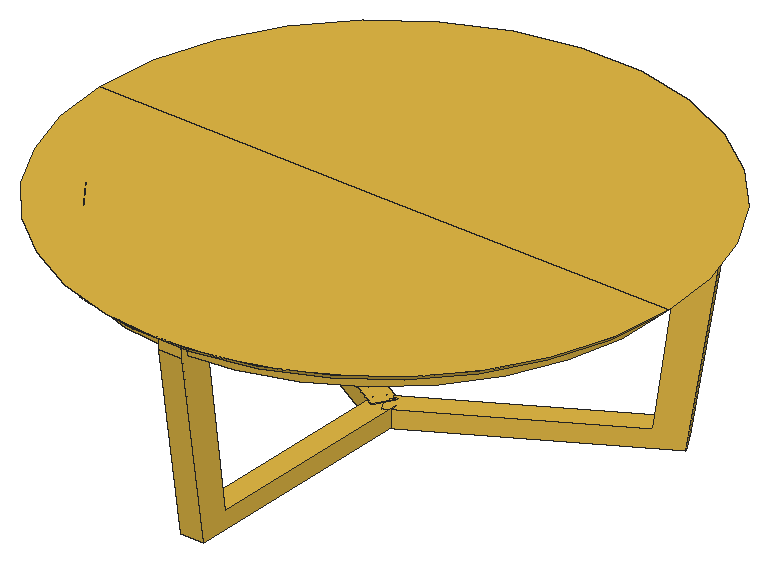
Revit family "FU_Table_Sandler_Trinity 1-5L", category Furniture, Revit 2020
Family settings
  OmniClass Number = 23.40.20.00
  OmniClass Title = General Furniture and Specialties
  Work Plane-Based = No
  Always vertical = Yes
  Cut with Voids When Loaded = No
  Shared = No
  Room Calculation Point = No
Parameters (values of type "Trinity 1.5L")
  Width = 1000 mm
  URL = "https://www.sandlerseating.com/product/trinity-1-5l/"
  Model = "Trinity 1.5L"
  Manufacturer = "Sandler"
  Height = 350 mm
  Frame [instance] = Wood - Beech - 1032 Yellow
  Description = "Wooden lacquered side table with circular top and three joining legs, available in multiple heights and sizes."
  Depth = 1000 mm
  Default Elevation = 0 mm
Reference planes
  plane 1 "Center (Front/Back)": y = 0
  plane 2: z = 0
  plane 3 "Center (Left/Right)": x = 0
  plane 4 "Right": x = -500
  plane 5 "Left": x = 500
  plane 6 "Back": y = 500
  plane 7 "Front": y = -500
  plane 8 "Height": z = 350
  plane 9 "Seat height": z = 339.892
Forms (mm)
  Revolve 1, solid, material "Wood - Beech - 1032 Yellow" <- "Frame"
    sketch origin (0, 0, 0) x (1, 0, 0) y (0, 0, 1)
      loop
        line (-500, 350) -> (-489.892, 339.892) -> (0, 339.892) -> (0, 350) -> (-500, 350)
      axis (0, 350) -> (0, 339.892)
    angle from 0 to 360
  Extrusion 2, solid, material "Wood - Beech - 1032 Yellow" <- "Frame"
    sketch origin (0, 0, 0) x (0, 1, 0) y (0, 0, 1)
      loop
        line (0, 30.03) -> (-376.04, 30.03) -> (-413.861, 310.256) -> (-458.24, 310.256) -> (-463.517, 339.892) -> (-471.229, 339.892) -> (-469.813, 310.184) -> (-421.083, 0) -> (0, 0) -> (0, 30.03)
    from -20 to 20
  Extrusion 3, solid, material "Wood - Beech - 1032 Yellow" <- "Frame"
    sketch origin (0, 0, 0) x (-0.866025, -0.5, 0) y (0, 0, 1)
      loop
        line (0, 30.03) -> (-376.04, 30.03) -> (-413.861, 310.256) -> (-458.24, 310.256) -> (-463.517, 339.892) -> (-471.229, 339.892) -> (-469.813, 310.184) -> (-421.083, 0) -> (0, 0) -> (0, 30.03)
    from -20 to 20
  Extrusion 4, solid, material "Wood - Beech - 1032 Yellow" <- "Frame"
    sketch origin (0, 0, 0) x (0.866025, -0.5, 0) y (0, 0, 1)
      loop
        line (0, 30.03) -> (-376.04, 30.03) -> (-413.861, 310.256) -> (-458.24, 310.256) -> (-463.517, 339.892) -> (-471.229, 339.892) -> (-469.813, 310.184) -> (-421.083, 0) -> (0, 0) -> (0, 30.03)
    from -20 to 20
  Revolve 5, solid, material "Wood - Beech - 1032 Yellow" <- "Frame"
    sketch origin (0, 0, 0) x (0, 1, 0) y (0, 0, 1)
      loop
        line (-463.517, 339.892) -> (-458.24, 310.256) -> (-413.861, 310.256) -> (-413.861, 339.892) -> (-463.517, 339.892)
      axis (0, 339.892) -> (0, 310.256)
    angle from 0 to 360
Dimensions and locks
  equal spacing: plane 4 "Right", plane 3 "Center (Left/Right)", plane 5 "Left"
  "Width": plane 4 "Right" to plane 5 "Left"
  equal spacing: plane 6 "Back", plane 1 "Center (Front/Back)", plane 7 "Front"
  "Depth": plane 6 "Back" to plane 7 "Front"
  "Height": plane 8 "Height" to level
  locked: plane 8 "Height" to plane 9 "Seat height" at 10.108
  aligned and locked: level to plane 2
Automatic sketch dimensions
  plane 4 "Right" to Revolve 1 sketch curve = 0 mm
  Revolve 1 sketch curve to plane 9 "Seat height" = 0 mm
  Revolve 1 sketch curve to plane 3 "Center (Left/Right)" = 0 mm  (x2)
  Revolve 1 sketch curve to plane 8 "Height" = 0 mm
  Revolve 1 sketch curve to plane 4 "Right" = 10.108 mm
  Revolve 1 sketch curve to plane 9 "Seat height" = 9.193 mm
  Revolve 1 sketch curve to Revolve 1 sketch curve = 15 mm
  Extrusion 2 sketch curve to plane 9 "Seat height" = 0 mm
  Extrusion 2 sketch curve to level = 0 mm
  Extrusion 2 sketch curve to plane 1 "Center (Front/Back)" = 0 mm
  level to Extrusion 2 sketch curve = 30.03 mm
  plane 7 "Front" to Extrusion 2 sketch curve = 123.96 mm
  Extrusion 2 sketch curve to plane 9 "Seat height" = 29.637 mm
  plane 7 "Front" to Extrusion 2 sketch curve = 86.139 mm
  Extrusion 2 sketch curve to Extrusion 2 sketch curve = 45.043 mm
  plane 7 "Front" to Extrusion 2 sketch curve = 36.483 mm
  plane 7 "Front" to Extrusion 2 sketch curve = 30.187 mm
  Extrusion 2 sketch curve to Extrusion 2 sketch curve = 7.712 mm
  Extrusion 2 sketch curve to Extrusion 2 sketch curve = 0.072 mm
  Extrusion 2 sketch curve to Extrusion 2 sketch curve = 11.573 mm
  plane 9 "Seat height" to Extrusion 3 sketch curve = 0 mm
  level to Extrusion 3 sketch curve = 0 mm
  Extrusion 3 sketch curve to plane 9 "Seat height" = 29.708 mm
  Extrusion 3 sketch curve to Extrusion 3 sketch curve = 1.415 mm
  Extrusion 3 sketch curve to Extrusion 3 sketch curve = 7.712 mm
  Extrusion 3 sketch curve to plane 9 "Seat height" = 29.637 mm
  Extrusion 3 sketch curve to Extrusion 3 sketch curve = 11.573 mm
  Extrusion 3 sketch curve to Extrusion 3 sketch curve = 37.157 mm
  Extrusion 3 sketch curve to Extrusion 3 sketch curve = 44.379 mm
  Extrusion 3 sketch curve to Extrusion 3 sketch curve = 45.043 mm
  level to Extrusion 3 sketch curve = 30.03 mm
  Extrusion 3 sketch curve to Extrusion 3 sketch curve = 376.04 mm
  Extrusion 4 sketch curve to plane 9 "Seat height" = 0 mm
  Extrusion 4 sketch curve to level = 0 mm
  Extrusion 4 sketch curve to plane 9 "Seat height" = 29.708 mm
  Extrusion 4 sketch curve to Extrusion 4 sketch curve = 1.415 mm
  Extrusion 4 sketch curve to Extrusion 4 sketch curve = 7.712 mm
  Extrusion 4 sketch curve to plane 9 "Seat height" = 29.637 mm
  Extrusion 4 sketch curve to Extrusion 4 sketch curve = 11.573 mm
  Extrusion 4 sketch curve to Extrusion 4 sketch curve = 37.157 mm
  Extrusion 4 sketch curve to Extrusion 4 sketch curve = 44.379 mm
  Extrusion 4 sketch curve to Extrusion 4 sketch curve = 45.043 mm
  level to Extrusion 4 sketch curve = 30.03 mm
  Extrusion 4 sketch curve to Extrusion 4 sketch curve = 376.04 mm
  Revolve 5 sketch curve to plane 9 "Seat height" = 0 mm
  Revolve 5 sketch curve to plane 1 "Center (Front/Back)" = 0 mm
  Revolve 5 sketch curve to plane 9 "Seat height" = 29.637 mm
  plane 7 "Front" to Revolve 5 sketch curve = 86.139 mm
  plane 7 "Front" to Revolve 5 sketch curve = 41.76 mm
  Revolve 5 sketch curve to Revolve 5 sketch curve = 5.277 mm
  Revolve 5 sketch curve to plane 9 "Seat height" = 70 mm
  plane 8 "Height" to Revolve 5 sketch curve = 44.892 mm
